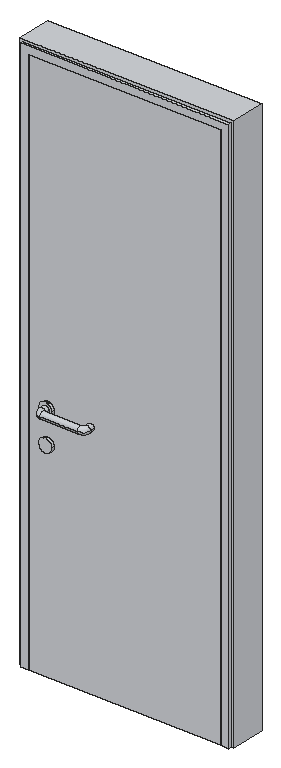
Revit family "Porta única sem revestimento", category Portas, Revit 2019
Family settings
  Hospedeiro = Parede
  Número OmniClass = 23.30.10.00
  Título OmniClass = Doors
  Sempre na vertical = Sim
  Corte com vazios quando carregada = Não
  Compartilhado = Não
  Ponto de cálculo do ambiente = Não
Parameters (values of type "800 x 2100mm")
  Visual Light Transmittance = 0
  Espessura = 35 mm
  Solar Heat Gain Coefficient = 0
  Rough Width = Width  # 800 mm
  Rough Height = Height  # 2100 mm
  Material do painel = none
  ID do tipo de construção = ""
  Coeficiente de transferência de calor (U) = 3.7021 W/(m²·K)
  Material do puxador = none
  Função = Interior
  Height = 2100 mm
  Fechamento da parede = Por hospedeiro
  Width = 800 mm
  Largura da moldura média = 40 mm
  Largura da estrutura = 50 mm
  Material da moldura = none
  Construção analítica = Metal
Types (5, lengths in mm): name | Rough Width | Width
  (no name) | 800 | 800
  600 x 2100mm | 600 | 600
  700 x 2100mm | 700 | 700
  800 x 2100mm | 800 | 800
  900 x 2100mm | 900 | 900
Reference planes
  plane 1 "Centro (Frente/Trás)": y = 0
  plane 2 "Centro (Esquerda/Direita)": x = 0
  plane 3 "Esquerda": x = -400
  plane 4 "Direita": x = 400
  plane 5: z = 2100
  plane 6 "Exterior": y = 75
  plane 7 "Interior": y = -75
  plane 8: z = 0
  plane 9: y = -40
  plane 10: z = 1050
  plane 11: x = 365
  plane 12: x = 360
  plane 13: x = -360
  plane 14: z = 2075
  plane 15: z = 2050
  plane 16: x = 380
  plane 17: x = -410
  plane 18: x = -405
  plane 19: x = 450
  plane 20: z = 900
  plane 21: x = -290
Forms (mm)
  Extrusion 1, solid, material <- "Material do painel", detail levels coarse
    sketch origin (0, 0, 0) x (1, 0, 0) y (0, 1, 0)
      loop
        line (-400, -40) -> (-400, -75) -> (400, -75) -> (400, -40) -> (-400, -40)
    from 0 to 2100
  Sweep 2, solid, material <- "Material da moldura", detail levels medium
    path in 3D
      loop
        line (400, 75, 0) -> (400, 75, 2100) -> (-400, 75, 2100) -> (-400, 75, 0)
    profile origin (-400, 75, 1050) x (1, 0, 0) y (0, 1, 0)
      loop
        line (0, 0) -> (0, -150) -> (40, -150) -> (40, 0) -> (0, 0)
  Extrusion 3, solid, material <- "Material do painel", detail levels medium+fine
    sketch origin (0, 0, 0) x (1, 0, 0) y (0, 1, 0)
      loop
        line (-360, -40) -> (-360, -75) -> (360, -75) -> (360, -40) -> (-360, -40)
    from 0 to 2060
  Sweep 4, solid, material <- "Material da moldura", detail levels fine
    path origin (0, 75, 0) x (1, 0, 0) y (0, 0, 1)
      loop
        line (400, 0) -> (400, 2100) -> (-400, 2100) -> (-400, 0)
    profile origin (400, 75, 1050) x (-1, 0, 0) y (0, -1, 0)
      loop
        line (0, 140) -> (0, 10) -> (10, 10) -> (10, 0) -> (50, 0) -> (50, 115) -> (40, 115) -> (40, 150) -> (10, 150) -> (10, 140) -> (0, 140)
Lines and regions (mm)
  Opening 1
    outline origin (-3050, -75, 0) x (1, 0, 0) y (0, 0, 1)
      loop
        line (2650, 0) -> (3450, 0) -> (3450, 2100) -> (2650, 2100) -> (2650, 0)
  sketch lines
    curve 1: line (-400, 75, 2100) -> (-400, 75, 0)
    curve 2: line (400, 75, 2100) -> (-400, 75, 2100)
    curve 3: line (400, 75, 0) -> (400, 75, 2100)
  symbolic lines, style "Giro da elevação", detail levels fine
    curve 4: line (350, 75, 0) -> (-350, 75, 1050)
    curve 5: line (-350, 75, 1050) -> (350, 75, 2050)
  symbolic lines, style "Giro da elevação", detail levels medium
    curve 6: line (360, 75, 0) -> (-360, 75, 1050)
    curve 7: line (-360, 75, 1050) -> (360, 75, 2060)
  symbolic lines, style "Giro da elevação", detail levels coarse
    curve 8: line (400, 75, 0) -> (-400, 75, 1050)
    curve 9: line (-400, 75, 1050) -> (400, 75, 2100)
Text (mm)
  text "Externo" at (-2295.016, 1099.543, 0), in view "Nível de referência"
  text "Externo" at (0, 1615.38, 3698.081), in view "Esquerda"
  text "Externo" at (0, 1036.032, 3874.932), in view "Direita"
Dimensions and locks
  equal spacing: plane 3 "Esquerda", plane 2 "Centro (Esquerda/Direita)", plane 4 "Direita"
  "Width": plane 3 "Esquerda" to plane 4 "Direita"
  "Height": plane 5 to host wall
  host wall to plane 5 = 2100 mm  (x2)
  locked: plane 6 "Exterior" to host wall at 0
  locked: plane 7 "Interior" to host wall
  equal spacing: level, plane 10, plane 5
  "Espessura": plane 9 to plane 7 "Interior"
  "Espessura": plane 11 to plane 4 "Direita"
  "Largura da moldura média": plane 12 to plane 4 "Direita"
  "Largura da moldura média": plane 3 "Esquerda" to plane 13
  "Largura da estrutura": plane 15 to plane 5
  equal spacing: plane 15, plane 14, plane 5
  equal spacing: plane 12, plane 16, plane 4 "Direita"
  equal spacing: plane 17, plane 18, plane 3 "Esquerda"
  locked: level to plane 20 at 900
  locked: plane 3 "Esquerda" to plane 21 at 110
  aligned and locked: plane 3 "Esquerda" to Opening 1 sketch curve
  aligned and locked: plane 5 to Opening 1 sketch curve  (x2)
  aligned and locked: Opening 1 sketch curve to plane 4 "Direita"
  aligned and locked: Opening 1 sketch curve to level
  aligned and locked: plane 1 "Centro (Frente/Trás)" to host wall
  aligned and locked: level to plane 8
  aligned and locked: plane 3 "Esquerda" to Extrusion 1  (x2)
  aligned and locked: Extrusion 1 to plane 4 "Direita"
  aligned and locked: plane 7 "Interior" to Extrusion 1
  aligned and locked: plane 9 to Extrusion 1
  aligned and locked: profile plane to Sweep 2 sketch curve  (x2)
  aligned and locked: Sweep 2 sketch curve to plane 7 "Interior"
  aligned and locked: plane 9 to Extrusion 3
  aligned and locked: plane 7 "Interior" to Extrusion 3
  aligned and locked: Extrusion 3 to Sweep 2  (x3)
  aligned and locked: Extrusion 3 to level
  aligned and locked: Extrusion 1 to plane 5
  aligned and locked: Sweep 2 sketch curve to plane 13
  aligned and locked: Sweep 2 to Sweep 4 sketch curve  (x4)
  aligned and locked: Sweep 4 sketch curve to plane 9
  aligned and locked: Sweep 4 to plane 15
  aligned and locked: nested 1 to plane 7 "Interior"
  aligned and locked: plane 20 to nested 1
  aligned and locked: plane 3 "Esquerda" to Sweep 4
  aligned and locked: Sweep 4 to plane 4 "Direita"
  aligned and locked: nested 2 to plane 7 "Interior"
  aligned and locked: nested 2 to plane 4 "Direita"
  aligned and locked: plane 21 to nested 1
  aligned and locked: Sweep 4 to curve 5  (x2)
  aligned and locked: plane 10 to curve 5
  aligned and locked: curve 4 to Sweep 4
  aligned and locked: plane 15 to curve 5
  aligned and locked: level to curve 4
  aligned and locked: plane 10 to curve 7
  aligned and locked: Sweep 2 to curve 7
  aligned and locked: plane 8 to curve 6
  aligned and locked: plane 12 to Extrusion 3
  aligned and locked: plane 12 to Sweep 4
  aligned and locked: curve 7 to Sweep 2
  aligned and locked: plane 8 to Sweep 4
  aligned and locked: plane 10 to curve 9
  aligned and locked: plane 3 "Esquerda" to curve 9
Automatic sketch dimensions
  Extrusion 1 sketch curve to plane 3 "Esquerda" = 0 mm
  plane 2 "Centro (Esquerda/Direita)" to Extrusion 1 sketch curve = 400 mm
  Extrusion 1 sketch curve to host wall = 150 mm
  Extrusion 1 sketch curve to Extrusion 1 sketch curve = 35 mm
  Extrusion 3 sketch curve to plane 3 "Esquerda" = 40 mm
  Extrusion 3 sketch curve to plane 11 = 5 mm
  host wall to Extrusion 3 sketch curve = 0 mm
  Extrusion 3 sketch curve to Extrusion 3 sketch curve = 35 mm
  plane 3 "Esquerda" to Sweep 4 sketch curve = 0 mm
  plane 4 "Direita" to Sweep 4 sketch curve = 0 mm
  Sweep 4 sketch curve to level = 0 mm  (x2)
  Sweep 4 sketch curve to plane 5 = 0 mm
  Sweep 4 sketch curve to profile plane = 10 mm  (x2)
  Sweep 4 sketch curve to Sweep 4 sketch curve = 40 mm
  Sweep 4 sketch curve to Sweep 4 sketch curve = 10 mm
  plane 6 "Exterior" to Sweep 4 sketch curve = 10 mm
  curve 7 to plane 12 = 0 mm
  curve 6 to plane 12 = 0 mm
  plane 4 "Direita" to curve 9 = 0 mm
  curve 8 to level = 0 mm
  plane 4 "Direita" to curve 8 = 0 mm
  curve 9 to plane 5 = 0 mm
Nested families
  nested 1: "Maçaneta da porta 1" at (-290, -63.114, 730), type "Puxador horizontal", detail levels fine
  nested 2: "Porta única_Giro da planta - 2" at (-400, -75, 0) x (-1, 0, 0) z (0, 0, 1), type "Porta única_Giro da planta - 2"
Definition of nested family "Maçaneta da porta 1"
  Parameters
    Espessura do painel = 35 mm
    Distância do furo da trava = 120 mm
    Com furo para trava = yes
    Material do puxador = none
    Function = (empty or 0)
  Reference planes
    plane 1 "Centro (Frente/Trás)": y = 5.614
    plane 2: z = 0
    plane 3 "Centro (Esquerda/Direita)": x = 0
    plane 4 "Topo do puxador": z = 170
    plane 5: z = 50
    plane 6: y = -11.886
    plane 7: y = 23.114
  Forms (mm)
    Extrusion 1, solid, material <- "Material do puxador"
      sketch origin (0, 5.614, 0) x (1, 0, 0) y (0, 0, 1)
        loop
          circle (0, 170) r 25
      from 17.5 to 25.5
    Extrusion 2, solid, material <- "Material do puxador", visible <- "Com furo para trava"
      sketch origin (0, 0, -120) x (1, 0, 0) y (0, 0, 1)
        loop
          circle (0, 170) r 25
      from 11.886 to 19.886
    Sweep 3, solid, material <- "Material do puxador"
      path origin (0, 0, 1000) x (0, -1, 0) y (1, 0, 0)
        loop
          line (19.886, 0) -> (36.886, 0)
          arc (36.886, 0) -> (47.493, 4.393) -> (51.886, 15) r 15
          line (51.886, 15) -> (51.886, 155)
          arc (51.886, 155) -> (47.493, 165.607) -> (36.886, 170) r 15
          line (36.886, 170) -> (21.886, 170)
      profile origin (0, -28.386, 0) x (1, 0, 0) y (0, 0, 1)
        loop
          circle (0, 170) r 12
    Extrusion 4, solid, material <- "Material do puxador"
      sketch origin (0, 5.614, 0) x (1, 0, 0) y (0, 0, -1)
        loop
          circle (0, -170) r 25
      from 17.5 to 25.5
    Extrusion 5, solid, material <- "Material do puxador", visible <- "Com furo para trava"
      sketch origin (0, 11.228, -120) x (1, 0, 0) y (0, 0, -1)
        loop
          circle (0, -170) r 25
      from 11.886 to 19.886
    Sweep 6, solid, material <- "Material do puxador"
      path origin (0, 11.228, 1000) x (0, -1, 0) y (1, 0, 0)
        loop
          line (-19.886, 0) -> (-36.886, 0)
          arc (-36.886, 0) -> (-47.493, 4.393) -> (-51.886, 15) r 15
          line (-51.886, 15) -> (-51.886, 155)
          arc (-51.886, 155) -> (-47.493, 165.607) -> (-36.886, 170) r 15
          line (-36.886, 170) -> (-21.886, 170)
      profile origin (0, 39.614, 0) x (-1, 0, 0) y (0, 0, 1)
        loop
          circle (0, 170) r 12
  Dimensions and locks
    "Distância do furo da trava": plane 4 "Topo do puxador" to plane 5
    locked: Sweep 3 sketch curve to Sweep 3 sketch curve at 170
    locked: plane 4 "Topo do puxador" to plane 2 at 170
    equal spacing: plane 7, plane 1 "Centro (Frente/Trás)", plane 6
    "Espessura do painel": plane 7 to plane 6
    locked: Extrusion 2 to Extrusion 2 at 8
    locked: Extrusion 1 to Extrusion 1 at 8
    locked: plane 6 to Sweep 3 sketch curve at 25
    locked: plane 6 to Sweep 3 sketch curve at 40
    locked: Sweep 6 sketch curve to Sweep 6 sketch curve at 170
    locked: Extrusion 5 to Extrusion 5 at 8
    locked: Extrusion 4 to Extrusion 4 at 8
    locked: plane 7 to Sweep 6 sketch curve at 40
    locked: Sweep 6 sketch curve to plane 7 at 25
    locked: Sweep 6 sketch curve to Sweep 6 sketch curve at 15
    locked: Sweep 6 sketch curve to plane 7 at 10
    plane 6 to Sweep 3 sketch curve to Sweep 3 sketch curve = 10 mm locked, 15 mm locked
    radius of Sweep 3 sketch curve = 15 mm  (x2)
    radius of Extrusion 2 sketch curve = 25 mm
    radius of Sweep 3 sketch curve = 12 mm
    radius of Sweep 6 sketch curve = 15 mm  (x2)
    radius of Extrusion 5 sketch curve = 25 mm
    radius of Sweep 6 sketch curve = 12 mm
    radius of Extrusion 4 sketch curve = 25 mm
    aligned and locked: plane 4 "Topo do puxador" to Sweep 3 sketch curve
    aligned and locked: plane 3 "Centro (Esquerda/Direita)" to Sweep 3 sketch curve
    aligned and locked: plane 3 "Centro (Esquerda/Direita)" to Extrusion 2 sketch curve
    aligned and locked: plane 6 to Extrusion 2
    aligned and locked: plane 3 "Centro (Esquerda/Direita)" to Extrusion 1 sketch curve
    aligned and locked: plane 4 "Topo do puxador" to Extrusion 1 sketch curve
    aligned and locked: plane 6 to Extrusion 1
    aligned and locked: Extrusion 1 to plane 6
    aligned and locked: Extrusion 4 to plane 7
    aligned and locked: Extrusion 5 to plane 7
    aligned and locked: plane 5 to Extrusion 5 sketch curve
    aligned and locked: plane 3 "Centro (Esquerda/Direita)" to Extrusion 5 sketch curve
    aligned and locked: plane 4 "Topo do puxador" to Extrusion 4 sketch curve
    aligned and locked: plane 3 "Centro (Esquerda/Direita)" to Extrusion 4 sketch curve
    aligned and locked: Extrusion 4 to Sweep 6 sketch curve
    aligned and locked: Extrusion 1 to Sweep 3 sketch curve
  Automatic sketch dimensions
    Extrusion 2 sketch curve to plane 5 = 0 mm
    Sweep 3 sketch curve to plane 3 "Centro (Esquerda/Direita)" = 0 mm
    Sweep 6 sketch curve to plane 3 "Centro (Esquerda/Direita)" = 0 mm
    Sweep 6 sketch curve to profile plane = 0 mm
    radius of Extrusion 1 sketch curve = 25 mm
Definition of nested family "Porta única_Giro da planta - 2"
  Parameters
    Width = 900 mm
    Rough Width = Width  # 900 mm
    Rough Height = Height  # 2100 mm
    Espessura da moldura do painel = 35 mm
    Height = 2100 mm
    Largura da estrutura = 40 mm
  Reference planes
    plane 1 "Centro (Frente/Trás)": y = 0
    plane 2: z = 0
    plane 3 "Centro (Esquerda/Direita)": x = 0
    plane 4: x = -900
    plane 5: x = -865
    plane 6: y = 900
    plane 7: x = -882.5
    plane 8: y = 865
    plane 9: x = -860
    plane 10: x = -825
    plane 11: y = 720
    plane 12: y = 645
    plane 13: y = 685
    plane 14: x = -842.5
    plane 15: z = 2100
    plane 16: x = -40
    plane 17: y = 860
    plane 18: y = 820
  Lines and regions (mm)
    Masking region 1, detail levels medium+fine
      outline origin (80, -75, 0) x (1, 0, 0) y (0, 1, 0)
        loop
          line (-940, 895) -> (-940, 75) -> (-905, 75) -> (-905, 895) -> (-940, 895)
    Masking region 2, detail levels coarse
      outline origin (0, 0, 0) x (1, 0, 0) y (0, 1, 0)
        loop
          line (-900, 900) -> (-900, 0) -> (-865, 0) -> (-865, 900) -> (-900, 900)
    symbolic lines, detail levels coarse
      curve 1: line (-865, 0, 0) -> (-900, 0, 0)
      curve 4: line (-865, 900, 0) -> (-900, 900, 0)
      curve 5: arc (-900, 900, 0) -> (-263.604, 636.396, 0) -> (0, 0, 0) r 900
      curve 7: line (-900, 0, 0) -> (-900, 900, 0)
      curve 8: line (-865, 900, 0) -> (-865, 0, 0)
    symbolic lines, detail levels medium+fine
      curve 2: line (-825, 820, 0) -> (-860, 820, 0)
      curve 3: line (-860, 0, 0) -> (-825, 0, 0)
      curve 9: line (-825, 0, 0) -> (-825, 820, 0)
      curve 10: line (-860, 820, 0) -> (-860, 0, 0)
      curve 11: arc (-860, 820, 0) -> (-280.172, 579.828, 0) -> (-40, 0, 0) r 820
    model lines
      curve 6: line (-900, 0, 0) -> (-900, 0, 2100)
  Dimensions and locks
    "Espessura da moldura do painel": plane 4 to plane 5
    "Largura da estrutura": plane 4 to plane 9
    "Espessura da moldura do painel": plane 9 to plane 10
    "Width": plane 1 "Centro (Frente/Trás)" to plane 6
    equal spacing: plane 9, plane 14, plane 10
    equal spacing: plane 4, plane 7, plane 5
    "Width": plane 4 to plane 3 "Centro (Esquerda/Direita)"
    "Height": plane 15 to plane 2
    "Largura da estrutura": plane 16 to plane 3 "Centro (Esquerda/Direita)"
    "Largura da estrutura": plane 6 to plane 17
    locked: plane 6 to plane 18 at 80
    aligned and locked: level to plane 2
    aligned and locked: curve 3 to plane 1 "Centro (Frente/Trás)"
    aligned and locked: Masking region 2 sketch curve to plane 1 "Centro (Frente/Trás)"
    aligned and locked: Masking region 2 sketch curve to plane 4
    aligned and locked: Masking region 2 sketch curve to plane 5
    aligned and locked: Masking region 2 sketch curve to plane 6
    aligned and locked: Masking region 1 sketch curve to plane 10
    aligned and locked: plane 9 to Masking region 1 sketch curve
    aligned and locked: Masking region 1 sketch curve to plane 1 "Centro (Frente/Trás)"
    aligned and locked: plane 6 to Masking region 2
    aligned and locked: Masking region 2 to plane 4
    aligned and locked: plane 5 to Masking region 2
    aligned and locked: Masking region 1 to plane 9
    aligned and locked: plane 10 to Masking region 1
    aligned and locked: curve 1 to plane 1 "Centro (Frente/Trás)"
    aligned and locked: plane 1 "Centro (Frente/Trás)" to Masking region 1
    aligned and locked: plane 15 to curve 6
    aligned and locked: curve 10 to plane 9
    aligned and locked: plane 10 to curve 9
    aligned and locked: plane 18 to curve 11
    aligned and locked: plane 16 to curve 11
    aligned and locked: plane 18 to Masking region 1
    aligned and locked: curve 8 to plane 5
    aligned and locked: curve 7 to plane 4
  Automatic sketch dimensions
    plane 4 to curve 6 = 0 mm
    curve 6 to level = 0 mm
    plane 1 "Centro (Frente/Trás)" to curve 5 = 0 mm
    Masking region 1 sketch curve to plane 18 = 0 mm
    curve 5 to plane 3 "Centro (Esquerda/Direita)" = 0 mm
